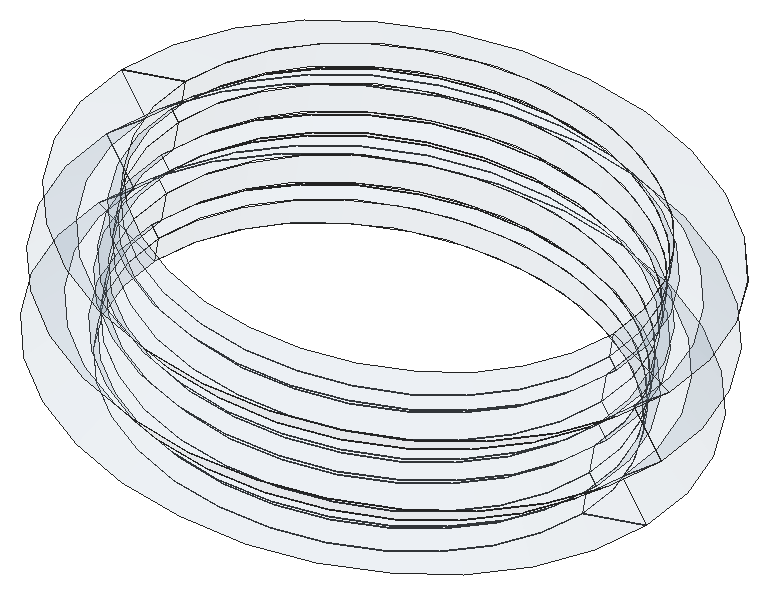
Revit family "O", category Generic Models, Revit 2021
Family settings
  Can host rebar = No
  Round Connector Dimension = Use Diameter
  Part Type = Normal
  Work Plane-Based = No
  Always vertical = Yes
  Cut with Voids When Loaded = No
  Shared = No
  Room Calculation Point = No
Parameters
  Material = Glass Blue
  Default Elevation = 0 mm
Reference planes
  plane 1 "Center (Front/Back)": y = 0
  plane 2: z = 0
  plane 3 "Center (Left/Right)": x = 0
Forms (mm)
  Revolve 1, solid, material "Glass Blue" <- "Material"
    sketch origin (0, 0, 0) x (-0.906308, 0, 0.422618) y (0.422618, 0, 0.906308)
      loop
        line (-310.34, 232.73) -> (-417.929, 223.317) -> (-381.994, 161.076) -> (-451.461, 120.969) -> (-411.354, 51.501) -> (-473.595, 15.566) -> (-385.127, -46.38) -> (-375.527, -10.553) -> (-385.527, 6.767) -> (-368.207, 16.767) -> (-356.792, 59.367) -> (-369.292, 81.018) -> (-348.077, 93.267) -> (-360.325, 114.482) -> (-338.675, 126.982) -> (-327.26, 169.582) -> (-337.26, 186.903) -> (-319.939, 196.903) -> (-310.34, 232.73)
      axis (-37.394, -139.555) -> (37.394, 139.555)
    angle from 0 to 360
Dimensions and locks
  aligned and locked: level to plane 2
